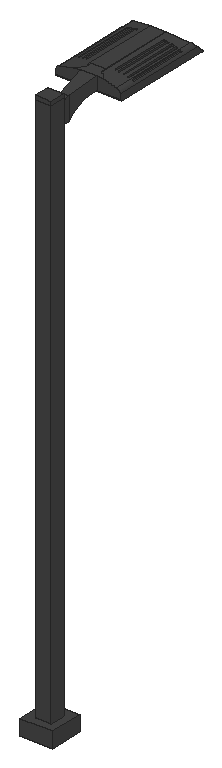
Revit family "ALT96", category Lighting Fixtures, Revit 2014 (continued)
Definition of nested family "ALT"
  Automatic sketch dimensions
    Extrusion 17 sketch curve to Extrusion 17 sketch curve = 0.66008"
    Extrusion 17 sketch curve to Extrusion 17 sketch curve = 0.69737"
    Extrusion 17 sketch curve to Extrusion 17 sketch curve = 0.95854"
    Extrusion 18 sketch curve to Extrusion 18 sketch curve = 0.00"
    Extrusion 18 sketch curve to Extrusion 18 sketch curve = 0.01257"  (x2)
    Extrusion 18 sketch curve to Extrusion 18 sketch curve = 0.10224"  (x3)
    Extrusion 18 sketch curve to Extrusion 18 sketch curve = 0.0969"  (x3)
    Extrusion 18 sketch curve to Extrusion 18 sketch curve = 0.1385"
    Extrusion 18 sketch curve to Extrusion 18 sketch curve = 0.13127"
    Extrusion 18 sketch curve to Extrusion 18 sketch curve = 0.82849"
    Extrusion 18 sketch curve to Extrusion 18 sketch curve = 0.04564"
    Extrusion 18 sketch curve to Extrusion 18 sketch curve = 0.03437"
    Extrusion 18 sketch curve to Extrusion 18 sketch curve = 0.375"
    Extrusion 18 sketch curve to Extrusion 18 sketch curve = 0.04132"
    Extrusion 18 sketch curve to Extrusion 18 sketch curve = 0.11194"
    Extrusion 18 sketch curve to Extrusion 18 sketch curve = 0.81198"
    Extrusion 19 sketch curve to plane 12 = 1.42725"
    Extrusion 19 sketch curve to Extrusion 19 sketch curve = 0.86793"
    Extrusion 19 sketch curve to plane 12 = 0.23625"
    Extrusion 19 sketch curve to Extrusion 19 sketch curve = 0.10484"
    Extrusion 19 sketch curve to Extrusion 19 sketch curve = 0.66008"
    Extrusion 19 sketch curve to Extrusion 19 sketch curve = 0.69737"
    Extrusion 19 sketch curve to Extrusion 19 sketch curve = 0.95854"
    Extrusion 20 sketch curve to Extrusion 20 sketch curve = 0.00"
    Extrusion 20 sketch curve to Extrusion 20 sketch curve = 0.01257"  (x2)
    Extrusion 20 sketch curve to Extrusion 20 sketch curve = 0.10224"  (x3)
    Extrusion 20 sketch curve to Extrusion 20 sketch curve = 0.0969"  (x3)
    Extrusion 20 sketch curve to Extrusion 20 sketch curve = 0.1385"
    Extrusion 20 sketch curve to Extrusion 20 sketch curve = 0.13127"
    Extrusion 20 sketch curve to Extrusion 20 sketch curve = 0.82849"
    Extrusion 20 sketch curve to Extrusion 20 sketch curve = 0.04564"
    Extrusion 20 sketch curve to Extrusion 20 sketch curve = 0.03437"
    Extrusion 20 sketch curve to Extrusion 20 sketch curve = 0.375"
    Extrusion 20 sketch curve to Extrusion 20 sketch curve = 0.04132"
    Extrusion 20 sketch curve to Extrusion 20 sketch curve = 0.11194"
    Extrusion 20 sketch curve to Extrusion 20 sketch curve = 0.81198"
    Extrusion 21 sketch curve to plane 12 = 1.42725"
    Extrusion 21 sketch curve to Extrusion 21 sketch curve = 0.86793"
    Extrusion 21 sketch curve to plane 12 = 0.23625"
    Extrusion 21 sketch curve to Extrusion 21 sketch curve = 0.10484"
    Extrusion 21 sketch curve to Extrusion 21 sketch curve = 0.66008"
    Extrusion 21 sketch curve to Extrusion 21 sketch curve = 0.69737"
    Extrusion 21 sketch curve to Extrusion 21 sketch curve = 0.95854"
    Extrusion 22 sketch curve to Extrusion 22 sketch curve = 0.00"
    Extrusion 22 sketch curve to Extrusion 22 sketch curve = 0.01257"  (x2)
    Extrusion 22 sketch curve to Extrusion 22 sketch curve = 0.10224"  (x3)
    Extrusion 22 sketch curve to Extrusion 22 sketch curve = 0.0969"  (x3)
    Extrusion 22 sketch curve to Extrusion 22 sketch curve = 0.1385"
    Extrusion 22 sketch curve to Extrusion 22 sketch curve = 0.13127"
    Extrusion 22 sketch curve to Extrusion 22 sketch curve = 0.82849"
    Extrusion 22 sketch curve to Extrusion 22 sketch curve = 0.04564"
    Extrusion 22 sketch curve to Extrusion 22 sketch curve = 0.03437"
    Extrusion 22 sketch curve to Extrusion 22 sketch curve = 0.375"
    Extrusion 22 sketch curve to Extrusion 22 sketch curve = 0.04132"
    Extrusion 22 sketch curve to Extrusion 22 sketch curve = 0.11194"
    Extrusion 22 sketch curve to Extrusion 22 sketch curve = 0.81198"
    Extrusion 23 sketch curve to plane 12 = 1.42725"
    Extrusion 23 sketch curve to Extrusion 23 sketch curve = 0.86793"
    Extrusion 23 sketch curve to plane 12 = 0.23625"
    Extrusion 23 sketch curve to Extrusion 23 sketch curve = 0.10484"
    Extrusion 23 sketch curve to Extrusion 23 sketch curve = 0.66008"
    Extrusion 23 sketch curve to Extrusion 23 sketch curve = 0.69737"
    Extrusion 23 sketch curve to Extrusion 23 sketch curve = 0.95854"
    Extrusion 24 sketch curve to Extrusion 24 sketch curve = 0.00"
    Extrusion 24 sketch curve to Extrusion 24 sketch curve = 0.01257"  (x2)
    Extrusion 24 sketch curve to Extrusion 24 sketch curve = 0.10224"  (x3)
    Extrusion 24 sketch curve to Extrusion 24 sketch curve = 0.0969"  (x3)
    Extrusion 24 sketch curve to Extrusion 24 sketch curve = 0.1385"
    Extrusion 24 sketch curve to Extrusion 24 sketch curve = 0.13127"
    Extrusion 24 sketch curve to Extrusion 24 sketch curve = 0.82849"
    Extrusion 24 sketch curve to Extrusion 24 sketch curve = 0.04564"
    Extrusion 24 sketch curve to Extrusion 24 sketch curve = 0.03437"
    Extrusion 24 sketch curve to Extrusion 24 sketch curve = 0.375"
    Extrusion 24 sketch curve to Extrusion 24 sketch curve = 0.04132"
    Extrusion 24 sketch curve to Extrusion 24 sketch curve = 0.11194"
    Extrusion 24 sketch curve to Extrusion 24 sketch curve = 0.81198"
    Extrusion 25 sketch curve to plane 12 = 1.42725"
    Extrusion 25 sketch curve to Extrusion 25 sketch curve = 0.86793"
    Extrusion 25 sketch curve to plane 12 = 0.23625"
    Extrusion 25 sketch curve to Extrusion 25 sketch curve = 0.10484"
    Extrusion 25 sketch curve to Extrusion 25 sketch curve = 0.66008"
    Extrusion 25 sketch curve to Extrusion 25 sketch curve = 0.69737"
    Extrusion 25 sketch curve to Extrusion 25 sketch curve = 0.95854"
    Extrusion 26 sketch curve to Extrusion 26 sketch curve = 0.00"
    Extrusion 26 sketch curve to Extrusion 26 sketch curve = 0.01257"  (x2)
    Extrusion 26 sketch curve to Extrusion 26 sketch curve = 0.10224"  (x3)
    Extrusion 26 sketch curve to Extrusion 26 sketch curve = 0.0969"  (x3)
    Extrusion 26 sketch curve to Extrusion 26 sketch curve = 0.1385"
    Extrusion 26 sketch curve to Extrusion 26 sketch curve = 0.13127"
    Extrusion 26 sketch curve to Extrusion 26 sketch curve = 0.82849"
    Extrusion 26 sketch curve to Extrusion 26 sketch curve = 0.04564"
    Extrusion 26 sketch curve to Extrusion 26 sketch curve = 0.03437"
    Extrusion 26 sketch curve to Extrusion 26 sketch curve = 0.375"
    Extrusion 26 sketch curve to Extrusion 26 sketch curve = 0.04132"
    Extrusion 26 sketch curve to Extrusion 26 sketch curve = 0.11194"
    Extrusion 26 sketch curve to Extrusion 26 sketch curve = 0.81198"
    Extrusion 27 sketch curve to plane 12 = 1.42725"
    Extrusion 27 sketch curve to Extrusion 27 sketch curve = 0.86793"
    Extrusion 27 sketch curve to plane 12 = 0.23625"
    Extrusion 27 sketch curve to Extrusion 27 sketch curve = 0.10484"
    Extrusion 27 sketch curve to Extrusion 27 sketch curve = 0.66008"
    Extrusion 27 sketch curve to Extrusion 27 sketch curve = 0.69737"
    Extrusion 27 sketch curve to Extrusion 27 sketch curve = 0.95854"
    Extrusion 28 sketch curve to Extrusion 28 sketch curve = 0.00"
    Extrusion 28 sketch curve to Extrusion 28 sketch curve = 0.01257"  (x2)
    Extrusion 28 sketch curve to Extrusion 28 sketch curve = 0.10224"  (x3)
    Extrusion 28 sketch curve to Extrusion 28 sketch curve = 0.0969"  (x3)
    Extrusion 28 sketch curve to Extrusion 28 sketch curve = 0.1385"
    Extrusion 28 sketch curve to Extrusion 28 sketch curve = 0.13127"
    Extrusion 28 sketch curve to Extrusion 28 sketch curve = 0.82849"
    Extrusion 28 sketch curve to Extrusion 28 sketch curve = 0.04564"
    Extrusion 28 sketch curve to Extrusion 28 sketch curve = 0.03437"
    Extrusion 28 sketch curve to Extrusion 28 sketch curve = 0.375"
    Extrusion 28 sketch curve to Extrusion 28 sketch curve = 0.04132"
    Extrusion 28 sketch curve to Extrusion 28 sketch curve = 0.11194"
    Extrusion 28 sketch curve to Extrusion 28 sketch curve = 0.81198"
    Extrusion 29 sketch curve to plane 12 = 1.42725"
    Extrusion 29 sketch curve to Extrusion 29 sketch curve = 0.86793"
    Extrusion 29 sketch curve to plane 12 = 0.23625"
    Extrusion 29 sketch curve to Extrusion 29 sketch curve = 0.10484"
    Extrusion 29 sketch curve to Extrusion 29 sketch curve = 0.66008"
    Extrusion 29 sketch curve to Extrusion 29 sketch curve = 0.69737"
    Extrusion 29 sketch curve to Extrusion 29 sketch curve = 0.95854"
    Extrusion 30 sketch curve to Extrusion 30 sketch curve = 0.00"
    Extrusion 30 sketch curve to Extrusion 30 sketch curve = 0.01257"  (x2)
    Extrusion 30 sketch curve to Extrusion 30 sketch curve = 0.10224"  (x3)
    Extrusion 30 sketch curve to Extrusion 30 sketch curve = 0.0969"  (x3)
    Extrusion 30 sketch curve to Extrusion 30 sketch curve = 0.1385"
    Extrusion 30 sketch curve to Extrusion 30 sketch curve = 0.13127"
    Extrusion 30 sketch curve to Extrusion 30 sketch curve = 0.82849"
    Extrusion 30 sketch curve to Extrusion 30 sketch curve = 0.04564"
    Extrusion 30 sketch curve to Extrusion 30 sketch curve = 0.03437"
    Extrusion 30 sketch curve to Extrusion 30 sketch curve = 0.375"
    Extrusion 30 sketch curve to Extrusion 30 sketch curve = 0.04132"
    Extrusion 30 sketch curve to Extrusion 30 sketch curve = 0.11194"
    Extrusion 30 sketch curve to Extrusion 30 sketch curve = 0.81198"
    Extrusion 31 sketch curve to plane 12 = 1.42725"
    Extrusion 31 sketch curve to Extrusion 31 sketch curve = 0.86793"
    Extrusion 31 sketch curve to plane 12 = 0.23625"
    Extrusion 31 sketch curve to Extrusion 31 sketch curve = 0.10484"
    Extrusion 31 sketch curve to Extrusion 31 sketch curve = 0.66008"
    Extrusion 31 sketch curve to Extrusion 31 sketch curve = 0.69737"
    Extrusion 31 sketch curve to Extrusion 31 sketch curve = 0.95854"
    Extrusion 32 sketch curve to Extrusion 32 sketch curve = 0.00"
    Extrusion 32 sketch curve to Extrusion 32 sketch curve = 0.01257"  (x2)
    Extrusion 32 sketch curve to Extrusion 32 sketch curve = 0.10224"  (x3)
    Extrusion 32 sketch curve to Extrusion 32 sketch curve = 0.0969"  (x3)
    Extrusion 32 sketch curve to Extrusion 32 sketch curve = 0.1385"
    Extrusion 32 sketch curve to Extrusion 32 sketch curve = 0.13127"
    Extrusion 32 sketch curve to Extrusion 32 sketch curve = 0.82849"
    Extrusion 32 sketch curve to Extrusion 32 sketch curve = 0.04564"
    Extrusion 32 sketch curve to Extrusion 32 sketch curve = 0.03437"
    Extrusion 32 sketch curve to Extrusion 32 sketch curve = 0.375"
    Extrusion 32 sketch curve to Extrusion 32 sketch curve = 0.04132"
    Extrusion 32 sketch curve to Extrusion 32 sketch curve = 0.11194"
    Extrusion 32 sketch curve to Extrusion 32 sketch curve = 0.81198"
    Extrusion 33 sketch curve to plane 12 = 1.42725"
    Extrusion 33 sketch curve to Extrusion 33 sketch curve = 0.86793"
    Extrusion 33 sketch curve to plane 12 = 0.23625"
    Extrusion 33 sketch curve to Extrusion 33 sketch curve = 0.10484"
    Extrusion 33 sketch curve to Extrusion 33 sketch curve = 0.66008"
    Extrusion 33 sketch curve to Extrusion 33 sketch curve = 0.69737"
    Extrusion 33 sketch curve to Extrusion 33 sketch curve = 0.95854"
    Extrusion 34 sketch curve to Extrusion 34 sketch curve = 0.00"
    Extrusion 34 sketch curve to Extrusion 34 sketch curve = 0.01257"  (x2)
    Extrusion 34 sketch curve to Extrusion 34 sketch curve = 0.10224"  (x3)
    Extrusion 34 sketch curve to Extrusion 34 sketch curve = 0.0969"  (x3)
    Extrusion 34 sketch curve to Extrusion 34 sketch curve = 0.1385"
    Extrusion 34 sketch curve to Extrusion 34 sketch curve = 0.13127"
    Extrusion 34 sketch curve to Extrusion 34 sketch curve = 0.82849"
    Extrusion 34 sketch curve to Extrusion 34 sketch curve = 0.04564"
    Extrusion 34 sketch curve to Extrusion 34 sketch curve = 0.03437"
    Extrusion 34 sketch curve to Extrusion 34 sketch curve = 0.375"
    Extrusion 34 sketch curve to Extrusion 34 sketch curve = 0.04132"
    Extrusion 34 sketch curve to Extrusion 34 sketch curve = 0.11194"
    Extrusion 34 sketch curve to Extrusion 34 sketch curve = 0.81198"
    plane 13 to Extrusion 35 sketch curve = 1.88641"
    Extrusion 35 sketch curve to Extrusion 35 sketch curve = 0.86793"
    Extrusion 35 sketch curve to plane 12 = 0.23625"
    Extrusion 35 sketch curve to Extrusion 35 sketch curve = 0.10484"
    Extrusion 35 sketch curve to Extrusion 35 sketch curve = 0.66008"
    Extrusion 35 sketch curve to Extrusion 35 sketch curve = 0.69737"
    Extrusion 35 sketch curve to Extrusion 35 sketch curve = 0.95854"
    Extrusion 35 sketch curve to Extrusion 35 sketch curve = 0.89077"
    Extrusion 36 sketch curve to Extrusion 36 sketch curve = 0.00"
    Extrusion 36 sketch curve to Extrusion 36 sketch curve = 0.01257"  (x2)
    Extrusion 36 sketch curve to Extrusion 36 sketch curve = 0.10224"  (x3)
    Extrusion 36 sketch curve to Extrusion 36 sketch curve = 0.0969"  (x3)
    Extrusion 36 sketch curve to Extrusion 36 sketch curve = 0.1385"
    Extrusion 36 sketch curve to Extrusion 36 sketch curve = 0.13127"
    Extrusion 36 sketch curve to Extrusion 36 sketch curve = 0.82849"
    Extrusion 36 sketch curve to Extrusion 36 sketch curve = 0.04564"
    Extrusion 36 sketch curve to Extrusion 36 sketch curve = 0.03626"
    Extrusion 36 sketch curve to Extrusion 36 sketch curve = 0.39566"
    Extrusion 36 sketch curve to Extrusion 36 sketch curve = 0.04132"
    Extrusion 36 sketch curve to Extrusion 36 sketch curve = 0.11194"
    Extrusion 36 sketch curve to Extrusion 36 sketch curve = 0.81198"
    plane 13 to Extrusion 37 sketch curve = 1.88641"
    Extrusion 37 sketch curve to Extrusion 37 sketch curve = 0.86793"
    Extrusion 37 sketch curve to plane 12 = 0.23625"
    Extrusion 37 sketch curve to Extrusion 37 sketch curve = 0.10484"
    Extrusion 37 sketch curve to Extrusion 37 sketch curve = 0.66008"
    Extrusion 37 sketch curve to Extrusion 37 sketch curve = 0.69737"
    Extrusion 37 sketch curve to Extrusion 37 sketch curve = 0.95854"
    Extrusion 37 sketch curve to Extrusion 37 sketch curve = 0.89077"
    Extrusion 38 sketch curve to Extrusion 38 sketch curve = 0.00"
    Extrusion 38 sketch curve to Extrusion 38 sketch curve = 0.01257"  (x2)
    Extrusion 38 sketch curve to Extrusion 38 sketch curve = 0.10224"  (x3)
    Extrusion 38 sketch curve to Extrusion 38 sketch curve = 0.0969"  (x3)
    Extrusion 38 sketch curve to Extrusion 38 sketch curve = 0.1385"
    Extrusion 38 sketch curve to Extrusion 38 sketch curve = 0.13127"
    Extrusion 38 sketch curve to Extrusion 38 sketch curve = 0.82849"
    Extrusion 38 sketch curve to Extrusion 38 sketch curve = 0.04564"
    Extrusion 38 sketch curve to Extrusion 38 sketch curve = 0.03626"
    Extrusion 38 sketch curve to Extrusion 38 sketch curve = 0.39566"
    Extrusion 38 sketch curve to Extrusion 38 sketch curve = 0.04132"
    Extrusion 38 sketch curve to Extrusion 38 sketch curve = 0.11194"
    Extrusion 38 sketch curve to Extrusion 38 sketch curve = 0.81198"
    Extrusion 39 sketch curve to plane 12 = 1.42725"
    Extrusion 39 sketch curve to Extrusion 39 sketch curve = 0.86793"
    Extrusion 39 sketch curve to plane 12 = 0.23625"
    Extrusion 39 sketch curve to Extrusion 39 sketch curve = 0.10484"
    Extrusion 39 sketch curve to Extrusion 39 sketch curve = 0.66008"
    Extrusion 39 sketch curve to Extrusion 39 sketch curve = 0.69737"
    Extrusion 39 sketch curve to Extrusion 39 sketch curve = 0.95854"
    Extrusion 40 sketch curve to Extrusion 40 sketch curve = 0.00"
    Extrusion 40 sketch curve to Extrusion 40 sketch curve = 0.01257"  (x2)
    Extrusion 40 sketch curve to Extrusion 40 sketch curve = 0.10224"  (x3)
    Extrusion 40 sketch curve to Extrusion 40 sketch curve = 0.0969"  (x3)
    Extrusion 40 sketch curve to Extrusion 40 sketch curve = 0.1385"
    Extrusion 40 sketch curve to Extrusion 40 sketch curve = 0.13127"
    Extrusion 40 sketch curve to Extrusion 40 sketch curve = 0.82849"
    Extrusion 40 sketch curve to Extrusion 40 sketch curve = 0.04564"
    Extrusion 40 sketch curve to Extrusion 40 sketch curve = 0.03626"
    Extrusion 40 sketch curve to Extrusion 40 sketch curve = 0.39566"
    Extrusion 40 sketch curve to Extrusion 40 sketch curve = 0.04132"
    Extrusion 40 sketch curve to Extrusion 40 sketch curve = 0.11194"
    Extrusion 40 sketch curve to Extrusion 40 sketch curve = 0.81198"
    Extrusion 41 sketch curve to plane 12 = 1.42725"
    Extrusion 41 sketch curve to Extrusion 41 sketch curve = 0.86793"
    Extrusion 41 sketch curve to plane 12 = 0.23625"
    Extrusion 41 sketch curve to Extrusion 41 sketch curve = 0.10484"
    Extrusion 41 sketch curve to Extrusion 41 sketch curve = 0.66008"
    Extrusion 41 sketch curve to Extrusion 41 sketch curve = 0.69737"
    Extrusion 41 sketch curve to Extrusion 41 sketch curve = 0.95854"
    Extrusion 42 sketch curve to Extrusion 42 sketch curve = 0.00"
    Extrusion 42 sketch curve to Extrusion 42 sketch curve = 0.01257"  (x2)
    Extrusion 42 sketch curve to Extrusion 42 sketch curve = 0.10224"  (x3)
    Extrusion 42 sketch curve to Extrusion 42 sketch curve = 0.0969"  (x3)
    Extrusion 42 sketch curve to Extrusion 42 sketch curve = 0.1385"
    Extrusion 42 sketch curve to Extrusion 42 sketch curve = 0.13127"
    Extrusion 42 sketch curve to Extrusion 42 sketch curve = 0.82849"
    Extrusion 42 sketch curve to Extrusion 42 sketch curve = 0.04564"
    Extrusion 42 sketch curve to Extrusion 42 sketch curve = 0.03626"
    Extrusion 42 sketch curve to Extrusion 42 sketch curve = 0.39566"
    Extrusion 42 sketch curve to Extrusion 42 sketch curve = 0.04132"
    Extrusion 42 sketch curve to Extrusion 42 sketch curve = 0.11194"
    Extrusion 42 sketch curve to Extrusion 42 sketch curve = 0.81198"
    Extrusion 43 sketch curve to plane 12 = 1.42725"
    Extrusion 43 sketch curve to Extrusion 43 sketch curve = 0.86793"
    Extrusion 43 sketch curve to plane 12 = 0.23625"
    Extrusion 43 sketch curve to Extrusion 43 sketch curve = 0.10484"
    Extrusion 43 sketch curve to Extrusion 43 sketch curve = 0.66008"
    Extrusion 43 sketch curve to Extrusion 43 sketch curve = 0.69737"
    Extrusion 43 sketch curve to Extrusion 43 sketch curve = 0.95854"
    Extrusion 44 sketch curve to Extrusion 44 sketch curve = 0.00"
    Extrusion 44 sketch curve to Extrusion 44 sketch curve = 0.01257"  (x2)
    Extrusion 44 sketch curve to Extrusion 44 sketch curve = 0.10224"  (x3)
    Extrusion 44 sketch curve to Extrusion 44 sketch curve = 0.0969"  (x3)
    Extrusion 44 sketch curve to Extrusion 44 sketch curve = 0.1385"
    Extrusion 44 sketch curve to Extrusion 44 sketch curve = 0.13127"
    Extrusion 44 sketch curve to Extrusion 44 sketch curve = 0.82849"
    Extrusion 44 sketch curve to Extrusion 44 sketch curve = 0.04564"
    Extrusion 44 sketch curve to Extrusion 44 sketch curve = 0.03626"
    Extrusion 44 sketch curve to Extrusion 44 sketch curve = 0.39566"
    Extrusion 44 sketch curve to Extrusion 44 sketch curve = 0.04132"
    Extrusion 44 sketch curve to Extrusion 44 sketch curve = 0.11194"
    Extrusion 44 sketch curve to Extrusion 44 sketch curve = 0.81198"
    Extrusion 45 sketch curve to plane 12 = 1.42725"
    Extrusion 45 sketch curve to Extrusion 45 sketch curve = 0.86793"
    Extrusion 45 sketch curve to plane 12 = 0.23625"
    Extrusion 45 sketch curve to Extrusion 45 sketch curve = 0.10484"
    Extrusion 45 sketch curve to Extrusion 45 sketch curve = 0.66008"
    Extrusion 45 sketch curve to Extrusion 45 sketch curve = 0.69737"
    Extrusion 45 sketch curve to Extrusion 45 sketch curve = 0.95854"
    Extrusion 46 sketch curve to Extrusion 46 sketch curve = 0.00"
    Extrusion 46 sketch curve to Extrusion 46 sketch curve = 0.01257"  (x2)
    Extrusion 46 sketch curve to Extrusion 46 sketch curve = 0.10224"  (x3)
    Extrusion 46 sketch curve to Extrusion 46 sketch curve = 0.0969"  (x3)
    Extrusion 46 sketch curve to Extrusion 46 sketch curve = 0.1385"
    Extrusion 46 sketch curve to Extrusion 46 sketch curve = 0.13127"
    Extrusion 46 sketch curve to Extrusion 46 sketch curve = 0.82849"
    Extrusion 46 sketch curve to Extrusion 46 sketch curve = 0.04564"
    Extrusion 46 sketch curve to Extrusion 46 sketch curve = 0.03626"
    Extrusion 46 sketch curve to Extrusion 46 sketch curve = 0.39566"
    Extrusion 46 sketch curve to Extrusion 46 sketch curve = 0.04132"
    Extrusion 46 sketch curve to Extrusion 46 sketch curve = 0.11194"
    Extrusion 46 sketch curve to Extrusion 46 sketch curve = 0.81198"
    Extrusion 47 sketch curve to plane 12 = 1.42725"
    Extrusion 47 sketch curve to Extrusion 47 sketch curve = 0.86793"
    Extrusion 47 sketch curve to plane 12 = 0.23625"
    Extrusion 47 sketch curve to Extrusion 47 sketch curve = 0.10484"
    Extrusion 47 sketch curve to Extrusion 47 sketch curve = 0.66008"
    Extrusion 47 sketch curve to Extrusion 47 sketch curve = 0.69737"
    Extrusion 47 sketch curve to Extrusion 47 sketch curve = 0.95854"
    Extrusion 48 sketch curve to Extrusion 48 sketch curve = 0.00"
    Extrusion 48 sketch curve to Extrusion 48 sketch curve = 0.01257"  (x2)
    Extrusion 48 sketch curve to Extrusion 48 sketch curve = 0.10224"  (x3)
    Extrusion 48 sketch curve to Extrusion 48 sketch curve = 0.0969"  (x3)
    Extrusion 48 sketch curve to Extrusion 48 sketch curve = 0.1385"
    Extrusion 48 sketch curve to Extrusion 48 sketch curve = 0.13127"
    Extrusion 48 sketch curve to Extrusion 48 sketch curve = 0.82849"
    Extrusion 48 sketch curve to Extrusion 48 sketch curve = 0.04564"
    Extrusion 48 sketch curve to Extrusion 48 sketch curve = 0.03626"
    Extrusion 48 sketch curve to Extrusion 48 sketch curve = 0.39566"
    Extrusion 48 sketch curve to Extrusion 48 sketch curve = 0.04132"
    Extrusion 48 sketch curve to Extrusion 48 sketch curve = 0.11194"
    Extrusion 48 sketch curve to Extrusion 48 sketch curve = 0.81198"
    Extrusion 49 sketch curve to plane 12 = 1.42725"
    Extrusion 49 sketch curve to Extrusion 49 sketch curve = 0.86793"
    Extrusion 49 sketch curve to plane 12 = 0.23625"
    Extrusion 49 sketch curve to Extrusion 49 sketch curve = 0.10484"
    Extrusion 49 sketch curve to Extrusion 49 sketch curve = 0.66008"
    Extrusion 49 sketch curve to Extrusion 49 sketch curve = 0.69737"
    Extrusion 49 sketch curve to Extrusion 49 sketch curve = 0.95854"
    Extrusion 50 sketch curve to Extrusion 50 sketch curve = 0.00"
    Extrusion 50 sketch curve to Extrusion 50 sketch curve = 0.01257"  (x2)
    Extrusion 50 sketch curve to Extrusion 50 sketch curve = 0.10224"  (x3)
    Extrusion 50 sketch curve to Extrusion 50 sketch curve = 0.0969"  (x3)
    Extrusion 50 sketch curve to Extrusion 50 sketch curve = 0.1385"
    Extrusion 50 sketch curve to Extrusion 50 sketch curve = 0.13127"
    Extrusion 50 sketch curve to Extrusion 50 sketch curve = 0.82849"
    Extrusion 50 sketch curve to Extrusion 50 sketch curve = 0.04564"
    Extrusion 50 sketch curve to Extrusion 50 sketch curve = 0.03626"
    Extrusion 50 sketch curve to Extrusion 50 sketch curve = 0.39566"
    Extrusion 50 sketch curve to Extrusion 50 sketch curve = 0.04132"
    Extrusion 50 sketch curve to Extrusion 50 sketch curve = 0.11194"
    Extrusion 50 sketch curve to Extrusion 50 sketch curve = 0.81198"
    Extrusion 51 sketch curve to plane 12 = 1.42725"
    Extrusion 51 sketch curve to Extrusion 51 sketch curve = 0.86793"
    Extrusion 51 sketch curve to plane 12 = 0.23625"
    Extrusion 51 sketch curve to Extrusion 51 sketch curve = 0.10484"
    Extrusion 51 sketch curve to Extrusion 51 sketch curve = 0.66008"
    Extrusion 51 sketch curve to Extrusion 51 sketch curve = 0.69737"
    Extrusion 51 sketch curve to Extrusion 51 sketch curve = 0.95854"
    Extrusion 52 sketch curve to Extrusion 52 sketch curve = 0.00"
    Extrusion 52 sketch curve to Extrusion 52 sketch curve = 0.01257"  (x2)
    Extrusion 52 sketch curve to Extrusion 52 sketch curve = 0.10224"  (x3)
    Extrusion 52 sketch curve to Extrusion 52 sketch curve = 0.0969"  (x3)
    Extrusion 52 sketch curve to Extrusion 52 sketch curve = 0.1385"
    Extrusion 52 sketch curve to Extrusion 52 sketch curve = 0.13127"
    Extrusion 52 sketch curve to Extrusion 52 sketch curve = 0.82849"
    Extrusion 52 sketch curve to Extrusion 52 sketch curve = 0.04564"
    Extrusion 52 sketch curve to Extrusion 52 sketch curve = 0.03626"
    Extrusion 52 sketch curve to Extrusion 52 sketch curve = 0.39566"
    Extrusion 52 sketch curve to Extrusion 52 sketch curve = 0.04132"
    Extrusion 52 sketch curve to Extrusion 52 sketch curve = 0.11194"
    Extrusion 52 sketch curve to Extrusion 52 sketch curve = 0.81198"
    Extrusion 53 sketch curve to plane 12 = 1.42725"
    Extrusion 53 sketch curve to Extrusion 53 sketch curve = 0.86793"
    Extrusion 53 sketch curve to plane 12 = 0.23625"
    Extrusion 53 sketch curve to Extrusion 53 sketch curve = 0.10484"
    Extrusion 53 sketch curve to Extrusion 53 sketch curve = 0.66008"
    Extrusion 53 sketch curve to Extrusion 53 sketch curve = 0.69737"
    Extrusion 53 sketch curve to Extrusion 53 sketch curve = 0.95854"
    Extrusion 54 sketch curve to Extrusion 54 sketch curve = 0.00"
    Extrusion 54 sketch curve to Extrusion 54 sketch curve = 0.01257"  (x2)
    Extrusion 54 sketch curve to Extrusion 54 sketch curve = 0.10224"  (x3)
    Extrusion 54 sketch curve to Extrusion 54 sketch curve = 0.0969"  (x3)
    Extrusion 54 sketch curve to Extrusion 54 sketch curve = 0.1385"
    Extrusion 54 sketch curve to Extrusion 54 sketch curve = 0.13127"
    Extrusion 54 sketch curve to Extrusion 54 sketch curve = 0.82849"
    Extrusion 54 sketch curve to Extrusion 54 sketch curve = 0.04564"
    Extrusion 54 sketch curve to Extrusion 54 sketch curve = 0.03626"
    Extrusion 54 sketch curve to Extrusion 54 sketch curve = 0.39566"
    Extrusion 54 sketch curve to Extrusion 54 sketch curve = 0.04132"
    Extrusion 54 sketch curve to Extrusion 54 sketch curve = 0.11194"
    Extrusion 54 sketch curve to Extrusion 54 sketch curve = 0.81198"
    Extrusion 55 sketch curve to plane 12 = 1.42725"
    Extrusion 55 sketch curve to Extrusion 55 sketch curve = 0.86793"
    Extrusion 55 sketch curve to plane 12 = 0.23625"
    Extrusion 55 sketch curve to Extrusion 55 sketch curve = 0.10484"
    Extrusion 55 sketch curve to Extrusion 55 sketch curve = 0.66008"
    Extrusion 55 sketch curve to Extrusion 55 sketch curve = 0.69737"
    Extrusion 55 sketch curve to Extrusion 55 sketch curve = 0.95854"
    Extrusion 56 sketch curve to Extrusion 56 sketch curve = 0.00"
    Extrusion 56 sketch curve to Extrusion 56 sketch curve = 0.01257"  (x2)
    Extrusion 56 sketch curve to Extrusion 56 sketch curve = 0.10224"  (x3)
    Extrusion 56 sketch curve to Extrusion 56 sketch curve = 0.0969"  (x3)
    Extrusion 56 sketch curve to Extrusion 56 sketch curve = 0.1385"
    Extrusion 56 sketch curve to Extrusion 56 sketch curve = 0.13127"
    Extrusion 56 sketch curve to Extrusion 56 sketch curve = 0.82849"
    Extrusion 56 sketch curve to Extrusion 56 sketch curve = 0.04564"
    Extrusion 56 sketch curve to Extrusion 56 sketch curve = 0.03626"
    Extrusion 56 sketch curve to Extrusion 56 sketch curve = 0.39566"
    Extrusion 56 sketch curve to Extrusion 56 sketch curve = 0.04132"
    Extrusion 56 sketch curve to Extrusion 56 sketch curve = 0.11194"
    Extrusion 56 sketch curve to Extrusion 56 sketch curve = 0.81198"
    Extrusion 57 sketch curve to plane 12 = 1.42725"
    Extrusion 57 sketch curve to Extrusion 57 sketch curve = 0.86793"
    Extrusion 57 sketch curve to plane 12 = 0.23625"
    Extrusion 57 sketch curve to Extrusion 57 sketch curve = 0.10484"
    Extrusion 57 sketch curve to Extrusion 57 sketch curve = 0.66008"
    Extrusion 57 sketch curve to Extrusion 57 sketch curve = 0.69737"
    Extrusion 57 sketch curve to Extrusion 57 sketch curve = 0.95854"
    Extrusion 58 sketch curve to Extrusion 58 sketch curve = 0.00"
    Extrusion 58 sketch curve to Extrusion 58 sketch curve = 0.01257"  (x2)
    Extrusion 58 sketch curve to Extrusion 58 sketch curve = 0.10224"  (x3)
    Extrusion 58 sketch curve to Extrusion 58 sketch curve = 0.0969"  (x3)
    Extrusion 58 sketch curve to Extrusion 58 sketch curve = 0.1385"
    Extrusion 58 sketch curve to Extrusion 58 sketch curve = 0.13127"
    Extrusion 58 sketch curve to Extrusion 58 sketch curve = 0.82849"
    Extrusion 58 sketch curve to Extrusion 58 sketch curve = 0.04564"
    Extrusion 58 sketch curve to Extrusion 58 sketch curve = 0.03626"
    Extrusion 58 sketch curve to Extrusion 58 sketch curve = 0.39566"
    Extrusion 58 sketch curve to Extrusion 58 sketch curve = 0.04132"
    Extrusion 58 sketch curve to Extrusion 58 sketch curve = 0.11194"
    Extrusion 58 sketch curve to Extrusion 58 sketch curve = 0.81198"
  Connectors (in)
    electrical at (-2.04767, 2.71619, 0), driven by "Load Classification", driven by "Voltage", driven by "Description"
      settings: on cut or joined group of Extrusion 2, Extrusion 3, Extrusion 4, Extrusion 5, Extrusion 6, Extrusion 7, Extrusion 9, Extrusion 10, index 1, voltage 120 V, apparent load 0 VA, apparent load phase1 0 VA, apparent load phase2 0 VA, apparent load phase3 0 VA, power factor 1, load classification "Lighting", number of poles 1, system type 30, power factor state 1, is connector primary yes, connector utility no, sub classification motor no, connector description "The ultimate in LED luminaire design featuring innovative engineering, thermal management and unique patented1 PicoPrism optics"
